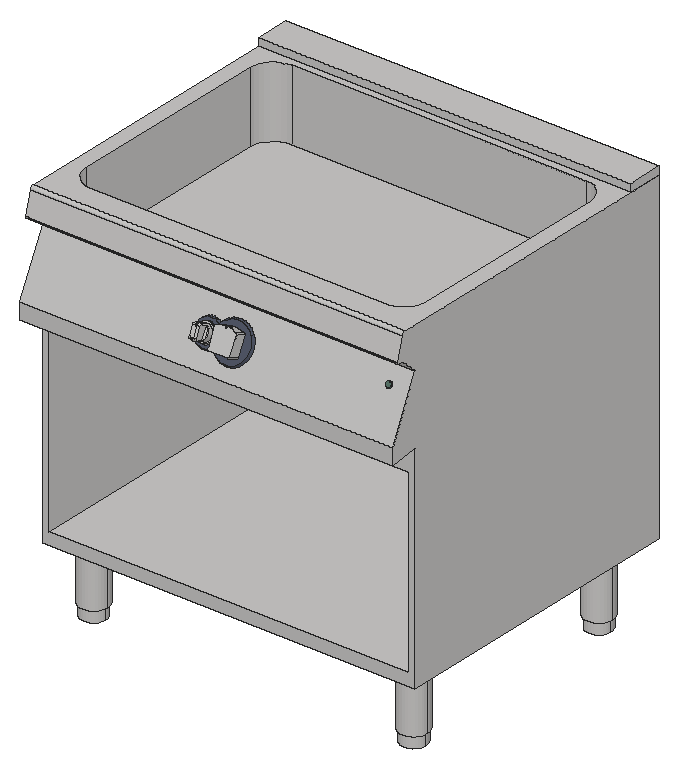
Revit family "QF_ZANUSSI_372106_Z7MFGHDI00", category Specialty Equipment, Revit 2018
Family settings
  Round Connector Dimension = Use Diameter
  Part Type = Normal
  Work Plane-Based = No
  Always vertical = Yes
  Cut with Voids When Loaded = No
  Shared = No
  Room Calculation Point = No
Parameters
  Width = 800 mm  # constant formula
  Weight in Pounds = 176  # constant formula
  Weight = 0.00 kg
  Watts = 0 W
  Waste Water Discharge Temperature [instance] = -459.67 °F
  Volts = 0 V
  URL Manufacturer = "http://www.zanussiprofessional.com"
  URL Cutsheet = "www.electrolux.com/foodservice"
  URL = "http://www.zanussiprofessional.com"
  Type Mark [instance] = ""
  Steam Supply Size = 0"
  Steam Supply Minimum Pressure = 0.00 psi
  Steam Supply Maximum Pressure = 0.00 psi
  Steam Pounds per Hour = 0
  Status [instance] = ""
  Specification by User [instance] = ""
  Specification by Manufacturer = ""
  Show Logo [instance] = yes
  Show Clearance [instance] = yes
  Serial Number = ""
  Seismic Rating = ""
  SMACNA No = ""
  Revision Code [instance] = ""
  Refrigeration Suction Line Size = 0"
  Refrigeration Liquid Line Size = 0"
  Refrigerant Compressor Remote = yes
  Plumbing Remarks [instance] = ""
  Plumbing Connection Type [instance] = ""
  Phase = 0
  Omniclass Number and Title = ""
  NAFEM Spec ID Number = ""
  Model = "Z7MFGHDI00"
  Mechanical Remarks [instance] = ""
  Mechanical Connection Type [instance] = ""
  Masterspec = ""
  Manufacturer = "Zanussi"
  Length Actual = 800 mm  # constant formula
  Item Number [instance] = "372106"
  Installed By [instance] = ""
  Indirect Waste Size = 0"
  Indirect Waste Flow [instance] = 0 GPM
  Indirect Waste Connection Type [instance] = ""
  Indirect Waste Connection Height = 0 mm
  Identify Quantity as Lot [instance] = yes
  Hot Water Size = 0"
  Height Actual = 850 mm  # constant formula
  Height = 333 mm  # constant formula
  HP = "0 HP"
  Gas Size = 1/2"  # constant formula
  Gas RI Height [instance] = 0 mm
  Gas KW [instance] = 14  # constant formula
  Gas Input [instance] = 47726.0 Btu/h  # constant formula
  Gas Connection Height = 0 mm
  Furnished By [instance] = ""
  Foodservice Equipment Identifier [instance] = yes
  Direct Waste Size = 0"
  Description = "22LT GAS MULTIFUNC.COOKER-COMPOUND 800MM"
  Depth Actual = 700 mm  # constant formula
  Depth = 715 mm  # constant formula
  Cycle = 0 Hz
  Condensate Return Size = 0"
  Compressed Air Volume = 0 GPM
  Compressed Air Size = 0"
  Compressed Air Pressure = 0.00 psi
  Cold Water Size = 0"
  CSI MasterFormat = ""
  CSI Master Format = ""
  Base Height [instance] = 150 mm  # constant formula
  Accessory = yes
Reference planes
  plane 1 "BACK": y = 0
  plane 2: z = 0
  plane 3 "LEFT": x = 0
  plane 4 "RIGHT": x = 800
  plane 5 "FRONT": y = -715
  plane 6 "TOP": z = 908
  plane 7 "Center Y": x = 400
  plane 8 "Center X": y = -357.5
  plane 9 "BASE": z = 600
  plane 10 "TOP A": z = 850
  plane 11: y = -597.884
  plane 12: y = -147.637
  plane 13: z = 942
  plane 14: z = 150
  plane 15 "panel": through (-6096, -715, 640.508) normal (0, 0.8956, -0.4448)
Forms (mm)
  Extrusion 1, solid, material "QF_Finishes_Stainless Steel"
    sketch origin (0, 0, 0) x (0, 1, 0) y (0, 0, 1)
      loop
        line (0, 867.755) -> (-75, 867.755) -> (-75, 851.6) -> (0, 851.6) -> (0, 867.755)
      loop
        line (0, 850) -> (-679.358, 850)
        arc (-679.358, 850) -> (-684.643, 847.811) -> (-686.833, 842.526) r 7.474
        line (-686.833, 842.526) -> (-699.884, 797.011)
        arc (-699.884, 797.011) -> (-699.396, 794.379) -> (-697, 793.184) r 3
        line (-697, 793.184) -> (-686.802, 793.184) -> (-654.982, 761.364) -> (-715, 640.508) -> (-715, 605.508) -> (-658.645, 613.428)
        arc (-658.645, 613.428) -> (-656.101, 612.674) -> (-655, 610.259) r 3.2
        line (-655, 610.259) -> (-655, 150) -> (0, 150) -> (0, 850)
    from 0 to 800
  Extrusion 2, void
    sketch origin (0, 0, 850) x (-1, 0, 0) y (0, -1, 0)
      loop
        line (-716.662, 90.124) -> (-83.338, 90.124)
        arc (-83.338, 90.124) -> (-47.982, 104.769) -> (-33.338, 140.124) r 50
        line (-33.338, 140.124) -> (-33.338, 580.25)
        arc (-33.338, 580.25) -> (-47.982, 615.605) -> (-83.338, 630.25) r 50
        line (-83.338, 630.25) -> (-716.662, 630.25)
        arc (-716.662, 630.25) -> (-752.018, 615.605) -> (-766.662, 580.25) r 50
        line (-766.662, 580.25) -> (-766.662, 140.124)
        arc (-766.662, 140.124) -> (-752.018, 104.769) -> (-716.662, 90.124) r 50
    from 0 to -152.4
  Extrusion 3, solid, material "QF_Finishes_Clearance", visible <- "Show Clearance", detail levels coarse
    sketch origin (0, 0, 0) x (1, 0, 0) y (0, 1, 0)
      loop
        line (0, -715) -> (0, 0) -> (800, 0) -> (800, -715) -> (950.019, -715) -> (950.019, 150.019) -> (-150.019, 150.019) -> (-150.019, -715) -> (0, -715)
    from 0 to 908
  Revolve 4, solid, material "QF_Finishes_Stainless Steel"
    sketch origin (0, -587.387, 608.09) x (0, 0, 1) y (-1, 0, 0)
      loop
        line (-608.09, -56) -> (-458.09, -56) -> (-458.09, -26) -> (-583.09, -26) -> (-583.09, -29.75) -> (-608.09, -29.75) -> (-608.09, -56)
      axis (-608.09, -56) -> (-458.09, -56)
    angle from 0 to 360
  Revolve 5, solid, material "QF_Finishes_Stainless Steel"
    sketch origin (0, -90, 608.09) x (0, 0, 1) y (-1, 0, 0)
      loop
        line (-608.09, -56) -> (-458.09, -56) -> (-458.09, -26) -> (-583.09, -26) -> (-583.09, -29.75) -> (-608.09, -29.75) -> (-608.09, -56)
      axis (-608.09, -56) -> (-458.09, -56)
    angle from 0 to 360
  Revolve 6, solid, material "QF_Finishes_Stainless Steel"
    sketch origin (800.1, -587.387, 608.09) x (0, 0, 1) y (-1, 0, 0)
      loop
        line (-608.09, 56.1) -> (-608.09, 29.85) -> (-583.09, 29.85) -> (-583.09, 26.1) -> (-458.09, 26.1) -> (-458.09, 56.1) -> (-608.09, 56.1)
      axis (-608.09, 56.1) -> (-458.09, 56.1)
    angle from 0 to 360
  Revolve 7, solid, material "QF_Finishes_Stainless Steel"
    sketch origin (800.1, -90, 608.09) x (0, 0, 1) y (-1, 0, 0)
      loop
        line (-608.09, 56.1) -> (-608.09, 29.85) -> (-583.09, 29.85) -> (-583.09, 26.1) -> (-458.09, 26.1) -> (-458.09, 56.1) -> (-608.09, 56.1)
      axis (-608.09, 56.1) -> (-458.09, 56.1)
    angle from 0 to 360
  Extrusion 8, solid, material "QF_Finishes_Stainless Steel"
    sketch origin (-77.88, -4572, 600) x (-1, 0, 0) y (0, -1, 0)
      loop
        circle (-368.88, -4015) r 12.7
    from 0 to -12.7
  Extrusion 9, void
    sketch origin (0, -660.4, 150) x (0, 0, -1) y (-1, 0, 0)
      loop
        line (-25.4, -12.7) -> (-411.9, -12.7) -> (-411.9, -787.3) -> (-25.4, -787.3) -> (-25.4, -12.7)
    from 5.4 to 570.276
  Extrusion 10, solid, material "QF_Finishes_Stainless Steel"
    sketch origin (-77.88, -4572, 150) x (-1, 0, 0) y (0, -1, 0)
      loop
        circle (-826.88, -4066) r 6.35
    from 0 to -12.7
  Extrusion 11, solid, material "QF_Finishes_Stainless Steel"
    sketch origin (0, 0, 850) x (-1, 0, 0) y (0, -1, 0)
      loop
        circle (-748.798, 506) r 10
    from -674.6 to -288.1
  Blend 12, solid, material "QF_Finishes_Navy Blue"
    base sketch origin (435.05, -684.991, 700.936) x (1, 0, 0) y (0, 0.445769, 0.895148)
      loop
        arc (-35.05, -24.037) -> (42.5, 0) -> (-35.05, 24.037) r 42.5
        arc (-35.05, 24.037) -> (-83, 0) -> (-35.05, -24.037) r 30
    top sketch origin (435.05, -684.991, 700.936) x (1, 0, 0) y (0, 0.445769, 0.895148)
      loop
        arc (-34.578, -21.086) -> (40.5, 0) -> (-34.578, 21.086) r 40.5
        arc (-34.578, 21.086) -> (-81, 0) -> (-34.578, -21.086) r 28
    from 0 to 5
  Extrusion 13, solid, material "QF_Finishes_Stainless Steel"
    sketch origin (435.05, -684.991, 700.936) x (1, 0, 0) y (0, 0.445769, 0.895148)
      loop
        circle (-55.001, -0.341) r 20
    from 5 to 10
  Revolve 14, solid, material "QF_Finishes_Stainless Steel"
    sketch origin (380.048, -684.991, 700.936) x (0, -0.445769, -0.895148) y (0, -0.895148, 0.445769)
      loop
        line (0.341, 10) -> (16.341, 10) -> (16.341, 37)
        arc (16.341, 37) -> (15.462, 39.121) -> (13.341, 40) r 3
        line (13.341, 40) -> (0.341, 40) -> (0.341, 10)
      axis (0.341, 10) -> (0.341, 40)
    angle from 0 to 360
  Extrusion 15, void
    sketch origin (435.05, -684.991, 700.936) x (1, 0, 0) y (0, -0.895148, 0.445769)
      loop
        line (-62.999, 24.837) -> (-62.999, 40) -> (-71.893, 40) -> (-71.893, 22) -> (-65.835, 22)
        arc (-65.835, 22) -> (-63.827, 22.828) -> (-62.999, 24.837) r 2.827
      loop
        arc (-47.003, 24.837) -> (-46.175, 22.828) -> (-44.167, 22) r 2.827
        line (-44.167, 22) -> (-38.109, 22) -> (-38.109, 40) -> (-47.003, 40) -> (-47.003, 24.837)
    from -20.019 to 20.019
  Extrusion 16, solid, material "QF_Finishes_Stainless Steel"
    sketch origin (435.05, -684.991, 700.936) x (1, 0, 0) y (0, 0.445769, 0.895148)
      loop
        arc (-21.147, 22.789) -> (-22.494, 21.685) -> (-23, 20.019) r 2.997
        line (-23, 20.019) -> (-23, -20.019)
        arc (-23, -20.019) -> (-22.122, -22.138) -> (-20.003, -23.016) r 2.997
        line (-20.003, -23.016) -> (20.003, -23.016)
        arc (20.003, -23.016) -> (22.122, -22.138) -> (23, -20.019) r 2.997
        line (23, -20.019) -> (23, 20.019)
        arc (23, 20.019) -> (22.494, 21.685) -> (21.147, 22.789) r 2.997
        arc (21.147, 22.789) -> (0, 26.984) -> (-21.147, 22.789) r 55.4
    from 10 to 34
  Extrusion 17, solid, material "QF_Plastic-Black-Matte"
    sketch origin (435.05, -684.991, 700.936) x (0, 0.445769, 0.895148) y (0, -0.895148, 0.445769)
      loop
        line (26.984, 34) -> (26.984, 19) -> (27.984, 19) -> (27.984, 34)
        arc (27.984, 34) -> (27.691, 34.707) -> (26.984, 35) r 1
        line (26.984, 35) -> (23.984, 35) -> (23.984, 34) -> (26.984, 34)
    from -1 to 1
  Extrusion 18, solid, material "QF_Plastic-Black-Matte"
    sketch origin (380.048, -684.991, 700.936) x (0, -0.445769, -0.895148) y (0, -0.895148, 0.445769)
      loop
        line (-10.258, 39.984) -> (-10.258, 40.984) -> (-12.874, 40.984)
        arc (-12.874, 40.984) -> (-15.536, 39.882) -> (-16.638, 37.22) r 3.764
        line (-16.638, 37.22) -> (-16.638, 25.027) -> (-15.638, 25.027) -> (-15.638, 37.22)
        arc (-15.638, 37.22) -> (-14.829, 39.175) -> (-12.874, 39.984) r 2.764
        line (-12.874, 39.984) -> (-10.258, 39.984)
    from 1 to -1
  Extrusion 19, solid, material "QF_Finishes_Stainless Steel"
    sketch origin (165.657, -802.569, 464.828) x (0, 0.445769, 0.895148) y (-1, 0, 0)
      loop
        line (246.264, -286.892) -> (281.264, -286.892) -> (281.264, -251.892) -> (246.264, -251.892) -> (246.264, -286.892)
    from 5 to 10
  Extrusion 20, solid, material "QF_Finishes_DarkGreen"
    sketch origin (813.535, -671.618, 727.791) x (1, 0, 0) y (0, 0.445769, 0.895148)
      loop
        circle (-55.001, 0) r 6
    from 0 to 1.6
Cuts and joins
  Extrusion 2, Extrusion 9 cuts Extrusion 1
  Extrusion 9 cuts Extrusion 3
  Extrusion 15 cuts Revolve 14
Lines and regions (mm)
  Split face 1
    outline origin (435.05, -689.467, 703.165) x (1, 0, 0) y (0, 0.445769, 0.895148)
      loop
        circle (0, 33) r 1
  Split face 2
    outline origin (435.05, -689.467, 703.165) x (1, 0, 0) y (0, 0.445769, 0.895148)
      loop
        circle (-8.541, 31.876) r 1
  Split face 3
    outline origin (435.05, -689.467, 703.165) x (1, 0, 0) y (0, 0.445769, 0.895148)
      loop
        circle (-16.5, 28.579) r 1
  Split face 4
    outline origin (435.05, -689.467, 703.165) x (1, 0, 0) y (0, 0.445769, 0.895148)
      loop
        circle (-23.335, 23.335) r 1
  Split face 5
    outline origin (435.05, -689.467, 703.165) x (1, 0, 0) y (0, 0.445769, 0.895148)
      loop
        circle (-28.579, 16.5) r 1
  Split face 6
    outline origin (435.05, -689.467, 703.165) x (1, 0, 0) y (0, 0.445769, 0.895148)
      loop
        circle (-31.876, 8.541) r 1
  Split face 7
    outline origin (435.05, -689.467, 703.165) x (1, 0, 0) y (0, 0.445769, 0.895148)
      loop
        circle (-33, 0) r 1
  Split face 8
    outline origin (435.05, -689.467, 703.165) x (-1, 0, 0) y (0, 0.445769, 0.895148)
      loop
        circle (31.876, -8.541) r 1
  Split face 9
    outline origin (435.05, -689.467, 703.165) x (-1, 0, 0) y (0, 0.445769, 0.895148)
      loop
        circle (28.579, -16.5) r 1
  Split face 10
    outline origin (435.05, -689.467, 703.165) x (-1, 0, 0) y (0, 0.445769, 0.895148)
      loop
        circle (23.335, -23.335) r 1
  Split face 11
    outline origin (435.05, -689.467, 703.165) x (-1, 0, 0) y (0, 0.445769, 0.895148)
      loop
        circle (16.5, -28.579) r 1
  Split face 12
    outline origin (435.05, -689.467, 703.165) x (-1, 0, 0) y (0, 0.445769, 0.895148)
      loop
        circle (8.541, -31.876) r 1
  Split face 13
    outline origin (435.05, -689.467, 703.165) x (1, 0, 0) y (0, -0.445769, -0.895148)
      loop
        circle (33, 0) r 1
  Split face 14
    outline origin (435.05, -689.467, 703.165) x (1, 0, 0) y (0, -0.445769, -0.895148)
      loop
        circle (31.876, -8.541) r 1
  Split face 15
    outline origin (435.05, -689.467, 703.165) x (1, 0, 0) y (0, -0.445769, -0.895148)
      loop
        circle (28.579, -16.5) r 1
  Split face 16
    outline origin (435.05, -689.467, 703.165) x (1, 0, 0) y (0, -0.445769, -0.895148)
      loop
        circle (23.335, -23.335) r 1
  Split face 17
    outline origin (435.05, -689.467, 703.165) x (1, 0, 0) y (0, -0.445769, -0.895148)
      loop
        circle (16.5, -28.579) r 1
  Split face 18
    outline origin (435.05, -689.467, 703.165) x (1, 0, 0) y (0, -0.445769, -0.895148)
      loop
        circle (8.541, -31.876) r 1
  Split face 19
    outline origin (435.05, -689.467, 703.165) x (-1, 0, 0) y (0, -0.445769, -0.895148)
      loop
        circle (-8.541, 31.876) r 1
  Split face 20
    outline origin (435.05, -689.467, 703.165) x (-1, 0, 0) y (0, -0.445769, -0.895148)
      loop
        circle (-16.5, 28.579) r 1
  Split face 21
    outline origin (435.05, -689.467, 703.165) x (-1, 0, 0) y (0, -0.445769, -0.895148)
      loop
        circle (-23.335, 23.335) r 1
  Split face 22
    outline origin (435.05, -689.467, 703.165) x (-1, 0, 0) y (0, -0.445769, -0.895148)
      loop
        circle (-28.579, 16.5) r 1
  Split face 23
    outline origin (435.05, -689.467, 703.165) x (-1, 0, 0) y (0, -0.445769, -0.895148)
      loop
        circle (-31.876, 8.541) r 1
  Split face 24
    outline origin (435.05, -689.467, 703.165) x (1, 0, 0) y (0, 0.445769, 0.895148)
      loop
        circle (-55.001, 22) r 1.508
  Split face 25
    outline origin (435.05, -689.467, 703.165) x (1, 0, 0) y (0, 0.445769, 0.895148)
      loop
        circle (-77.001, 0) r 1.343
  Split face 26
    outline origin (435.05, -689.467, 703.165) x (1, 0, 0) y (0, 0.445769, 0.895148)
      loop
        line (-56.273, -20.786) -> (-56.273, -25.164) -> (-53.729, -25.164) -> (-53.729, -20.786) -> (-56.273, -20.786)
  Split face 27
    outline origin (435.05, -689.467, 703.165) x (1, 0, 0) y (0, 0.445769, 0.895148)
      loop
        circle (0, -33) r 1
  symbolic lines, style "QF-Clearances", visible <- "Show Clearance", detail levels coarse
    curve 1: line (-150.019, 150.019, 850) -> (-150.019, -716.377, 850)
    curve 2: line (950.019, 150.019, 850) -> (-150.019, 150.019, 850)
    curve 3: line (950.019, -716.377, 850) -> (950.019, 150.019, 850)
  symbolic lines
    curve 4: line (0, 0, 850) -> (800, 0, 850)
    curve 5: line (0, -715, 850) -> (0, 0, 850)
    curve 6: line (800, 0, 850) -> (800, -715, 850)
    curve 7: line (22.699, -6.761, 850) -> (22.699, -63.911, 850)
    curve 8: line (13.403, -63.911, 850) -> (13.403, -6.761, 850)
    curve 9: line (13.403, -6.761, 850) -> (22.699, -6.761, 850)
    curve 10: line (0, -69.85, 850) -> (398.412, -69.85, 850)
    curve 11: line (384.649, -6.761, 850) -> (384.649, -63.911, 850)
    curve 12: line (375.353, -63.911, 850) -> (375.353, -6.761, 850)
    curve 13: line (375.353, -6.761, 850) -> (384.649, -6.761, 850)
    curve 14: line (50.541, -6.761, 850) -> (50.541, -63.911, 850)
    curve 15: line (41.245, -63.911, 850) -> (41.245, -6.761, 850)
    curve 16: line (41.245, -6.761, 850) -> (50.541, -6.761, 850)
    curve 17: line (78.383, -6.761, 850) -> (78.383, -63.911, 850)
    curve 18: line (69.087, -63.911, 850) -> (69.087, -6.761, 850)
    curve 19: line (69.087, -6.761, 850) -> (78.383, -6.761, 850)
    curve 20: line (106.225, -6.761, 850) -> (106.225, -63.911, 850)
    curve 21: line (96.93, -63.911, 850) -> (96.93, -6.761, 850)
    curve 22: line (96.93, -6.761, 850) -> (106.225, -6.761, 850)
    curve 23: line (134.068, -6.761, 850) -> (134.068, -63.911, 850)
    curve 24: line (124.772, -63.911, 850) -> (124.772, -6.761, 850)
    curve 25: line (124.772, -6.761, 850) -> (134.068, -6.761, 850)
    curve 26: line (161.91, -6.761, 850) -> (161.91, -63.911, 850)
    curve 27: line (152.614, -63.911, 850) -> (152.614, -6.761, 850)
    curve 28: line (152.614, -6.761, 850) -> (161.91, -6.761, 850)
    curve 29: line (189.752, -6.761, 850) -> (189.752, -63.911, 850)
    curve 30: line (180.457, -63.911, 850) -> (180.457, -6.761, 850)
    curve 31: line (180.457, -6.761, 850) -> (189.752, -6.761, 850)
    curve 32: line (217.595, -6.761, 850) -> (217.595, -63.911, 850)
    curve 33: line (208.299, -63.911, 850) -> (208.299, -6.761, 850)
    curve 34: line (208.299, -6.761, 850) -> (217.595, -6.761, 850)
    curve 35: line (245.437, -6.761, 850) -> (245.437, -63.911, 850)
    curve 36: line (236.141, -63.911, 850) -> (236.141, -6.761, 850)
    curve 37: line (236.141, -6.761, 850) -> (245.437, -6.761, 850)
    curve 38: line (273.279, -6.761, 850) -> (273.279, -63.911, 850)
    curve 39: line (263.984, -63.911, 850) -> (263.984, -6.761, 850)
    curve 40: line (263.984, -6.761, 850) -> (273.279, -6.761, 850)
    curve 41: line (301.122, -6.761, 850) -> (301.122, -63.911, 850)
    curve 42: line (291.826, -63.911, 850) -> (291.826, -6.761, 850)
    curve 43: line (291.826, -6.761, 850) -> (301.122, -6.761, 850)
    curve 44: line (328.964, -6.761, 850) -> (328.964, -63.911, 850)
    curve 45: line (319.668, -63.911, 850) -> (319.668, -6.761, 850)
    curve 46: line (319.668, -6.761, 850) -> (328.964, -6.761, 850)
    curve 47: line (356.806, -6.761, 850) -> (356.806, -63.911, 850)
    curve 48: line (347.511, -63.911, 850) -> (347.511, -6.761, 850)
    curve 49: line (347.511, -6.761, 850) -> (356.806, -6.761, 850)
    curve 50: line (777.251, -6.761, 850) -> (777.251, -63.911, 850)
    curve 51: line (786.547, -63.911, 850) -> (786.547, -6.761, 850)
    curve 52: line (786.547, -6.761, 850) -> (777.251, -6.761, 850)
    curve 53: line (415.301, -6.761, 850) -> (415.301, -63.911, 850)
    curve 54: line (424.597, -63.911, 850) -> (424.597, -6.761, 850)
    curve 55: line (424.597, -6.761, 850) -> (415.301, -6.761, 850)
    curve 56: line (749.409, -6.761, 850) -> (749.409, -63.911, 850)
    curve 57: line (758.705, -63.911, 850) -> (758.705, -6.761, 850)
    curve 58: line (758.705, -6.761, 850) -> (749.409, -6.761, 850)
    curve 59: line (721.567, -6.761, 850) -> (721.567, -63.911, 850)
    curve 60: line (730.863, -63.911, 850) -> (730.863, -6.761, 850)
    curve 61: line (730.863, -6.761, 850) -> (721.567, -6.761, 850)
    curve 62: line (693.725, -6.761, 850) -> (693.725, -63.911, 850)
    curve 63: line (703.02, -63.911, 850) -> (703.02, -6.761, 850)
    curve 64: line (703.02, -6.761, 850) -> (693.725, -6.761, 850)
    curve 65: line (665.882, -6.761, 850) -> (665.882, -63.911, 850)
    curve 66: line (675.178, -63.911, 850) -> (675.178, -6.761, 850)
    curve 67: line (675.178, -6.761, 850) -> (665.882, -6.761, 850)
    curve 68: line (638.04, -6.761, 850) -> (638.04, -63.911, 850)
    curve 69: line (647.336, -63.911, 850) -> (647.336, -6.761, 850)
    curve 70: line (647.336, -6.761, 850) -> (638.04, -6.761, 850)
    curve 71: line (610.198, -6.761, 850) -> (610.198, -63.911, 850)
    curve 72: line (619.493, -63.911, 850) -> (619.493, -6.761, 850)
    curve 73: line (619.493, -6.761, 850) -> (610.198, -6.761, 850)
    curve 74: line (582.355, -6.761, 850) -> (582.355, -63.911, 850)
    curve 75: line (591.651, -63.911, 850) -> (591.651, -6.761, 850)
    curve 76: line (591.651, -6.761, 850) -> (582.355, -6.761, 850)
    curve 77: line (554.513, -6.761, 850) -> (554.513, -63.911, 850)
    curve 78: line (563.809, -63.911, 850) -> (563.809, -6.761, 850)
    curve 79: line (563.809, -6.761, 850) -> (554.513, -6.761, 850)
    curve 80: line (526.671, -6.761, 850) -> (526.671, -63.911, 850)
    curve 81: line (535.966, -63.911, 850) -> (535.966, -6.761, 850)
    curve 82: line (535.966, -6.761, 850) -> (526.671, -6.761, 850)
    curve 83: line (498.828, -6.761, 850) -> (498.828, -63.911, 850)
    curve 84: line (508.124, -63.911, 850) -> (508.124, -6.761, 850)
    curve 85: line (508.124, -6.761, 850) -> (498.828, -6.761, 850)
    curve 86: line (470.986, -6.761, 850) -> (470.986, -63.911, 850)
    curve 87: line (480.282, -63.911, 850) -> (480.282, -6.761, 850)
    curve 88: line (480.282, -6.761, 850) -> (470.986, -6.761, 850)
    curve 89: line (443.144, -6.761, 850) -> (443.144, -63.911, 850)
    curve 90: line (452.439, -63.911, 850) -> (452.439, -6.761, 850)
    curve 91: line (452.439, -6.761, 850) -> (443.144, -6.761, 850)
    curve 92: line (401.587, -69.85, 850) -> (401.587, 0, 850)
    curve 93: line (398.412, 0, 850) -> (398.412, -69.85, 850)
    curve 94: line (401.587, -69.85, 850) -> (800, -69.85, 850)
    curve 95: line (13.453, -63.911, 0) -> (22.749, -63.911, 0)
    curve 96: line (375.403, -63.911, 0) -> (384.699, -63.911, 0)
    curve 97: line (41.295, -63.911, 0) -> (50.591, -63.911, 0)
    curve 98: line (69.137, -63.911, 0) -> (78.433, -63.911, 0)
    curve 99: line (96.98, -63.911, 0) -> (106.275, -63.911, 0)
    curve 100: line (124.822, -63.911, 0) -> (134.118, -63.911, 0)
    curve 101: line (152.664, -63.911, 0) -> (161.96, -63.911, 0)
    curve 102: line (180.507, -63.911, 0) -> (189.802, -63.911, 0)
    curve 103: line (208.349, -63.911, 0) -> (217.645, -63.911, 0)
    curve 104: line (236.191, -63.911, 0) -> (245.487, -63.911, 0)
    curve 105: line (264.034, -63.911, 0) -> (273.329, -63.911, 0)
    curve 106: line (291.876, -63.911, 0) -> (301.172, -63.911, 0)
    curve 107: line (319.718, -63.911, 0) -> (329.014, -63.911, 0)
    curve 108: line (347.561, -63.911, 0) -> (356.856, -63.911, 0)
    curve 109: line (786.597, -63.911, 0) -> (777.301, -63.911, 0)
    curve 110: line (424.647, -63.911, 0) -> (415.351, -63.911, 0)
    curve 111: line (758.755, -63.911, 0) -> (749.459, -63.911, 0)
    curve 112: line (730.913, -63.911, 0) -> (721.617, -63.911, 0)
    curve 113: line (703.07, -63.911, 0) -> (693.775, -63.911, 0)
    curve 114: line (675.228, -63.911, 0) -> (665.932, -63.911, 0)
    curve 115: line (647.386, -63.911, 0) -> (638.09, -63.911, 0)
    curve 116: line (619.543, -63.911, 0) -> (610.248, -63.911, 0)
    curve 117: line (591.701, -63.911, 0) -> (582.405, -63.911, 0)
    curve 118: line (563.859, -63.911, 0) -> (554.563, -63.911, 0)
    curve 119: line (536.016, -63.911, 0) -> (526.721, -63.911, 0)
    curve 120: line (508.174, -63.911, 0) -> (498.878, -63.911, 0)
    curve 121: line (480.332, -63.911, 0) -> (471.036, -63.911, 0)
    curve 122: line (452.489, -63.911, 0) -> (443.194, -63.911, 0)
    curve 123: line (716.662, -90.124, 850) -> (83.288, -90.124, 850)
    curve 124: arc (83.288, -90.124, 850) -> (47.968, -104.754, 850) -> (33.338, -140.074, 850) r 49.95
    curve 125: line (33.338, -140.074, 850) -> (33.338, -580.25, 850)
    curve 126: arc (33.338, -580.25, 850) -> (47.982, -615.605, 850) -> (83.338, -630.25, 850) r 50
    curve 127: line (83.338, -630.25, 850) -> (716.662, -630.25, 850)
    curve 128: arc (716.662, -90.124, 850) -> (752.018, -104.769, 850) -> (766.662, -140.124, 850) r 50
    curve 129: line (766.662, -140.124, 850) -> (766.662, -580.25, 850)
    curve 130: arc (766.662, -580.25, 850) -> (752.018, -615.605, 850) -> (716.662, -630.25, 850) r 50
    curve 131: line (412.05, -700.006, 0) -> (412.05, -724.353, 0)
    curve 132: arc (412.05, -724.353, 0) -> (412.196, -724.817, 0) -> (412.582, -725.113, 0) r 0.809
    curve 133: arc (412.582, -725.113, 0) -> (413.769, -725.593, 0) -> (415.047, -725.686, 0) r 4.127
    curve 134: arc (412.05, -704.299, 0) -> (407.008, -702.464, 0) -> (402.24, -700.006, 0) r 42.24
    curve 135: arc (412.05, -706.545, 0) -> (412.552, -705.824, 0) -> (413.349, -705.454, 0) r 1.682
    curve 136: arc (413.349, -705.454, 0) -> (423.651, -703.956, 0) -> (434.05, -703.447, 0) r 109.079
    curve 137: line (434.05, -700.006, 0) -> (434.05, -705.677, 0)
    curve 138: line (434.05, -705.677, 0) -> (436.05, -705.677, 0)
    curve 139: line (436.05, -705.677, 0) -> (436.05, -700.006, 0)
    curve 140: line (458.05, -700.006, 0) -> (458.05, -724.353, 0)
    curve 141: arc (458.05, -724.353, 0) -> (457.903, -724.817, 0) -> (457.517, -725.113, 0) r 0.809
    curve 142: arc (457.517, -725.113, 0) -> (456.33, -725.593, 0) -> (455.052, -725.686, 0) r 4.127
    curve 143: arc (458.05, -704.299, 0) -> (463.091, -702.464, 0) -> (467.859, -700.006, 0) r 42.24
    curve 144: arc (458.05, -706.545, 0) -> (457.547, -705.824, 0) -> (456.75, -705.454, 0) r 1.682
    curve 145: arc (456.75, -705.454, 0) -> (446.448, -703.956, 0) -> (436.05, -703.447, 0) r 109.079
    curve 146: line (415.047, -725.686, 0) -> (455.052, -725.686, 0)
    curve 147: line (372.051, -725.983, 908.9) -> (372.051, -701.23, 908.9)
    curve 148: line (388.046, -701.23, 908.9) -> (388.046, -725.983, 908.9)
    curve 149: spline (369.415, -710.17, 908.9) -> (367.926, -709.497, 908.9) -> (366.65, -708.743, 908.9) -> (365.611, -707.92, 908.9) -> (364.825, -707.043, 908.9) -> (364.307, -706.127, 908.9) -> (364.066, -705.189, 908.9) -> (364.107, -704.245, 908.9) -> (364.428, -703.312, 908.9) -> (365.024, -702.406, 908.9) -> (365.884, -701.543, 908.9) -> (366.993, -700.738, 908.9) -> (368.333, -700.006, 908.9)
    curve 150: spline (391.763, -700.006, 908.9) -> (393.107, -700.741, 908.9) -> (394.22, -701.549, 908.9) -> (395.081, -702.416, 908.9) -> (395.677, -703.325, 908.9) -> (395.995, -704.262, 908.9) -> (396.031, -705.21, 908.9) -> (395.784, -706.151, 908.9) -> (395.258, -707.069, 908.9) -> (394.463, -707.948, 908.9) -> (393.412, -708.772, 908.9) -> (392.125, -709.527, 908.9) -> (390.624, -710.199, 908.9)
    curve 151: spline (390.624, -710.199, 908.9) -> (390.343, -710.328, 908.9) -> (390.062, -710.493, 908.9) -> (389.784, -710.692, 908.9) -> (389.514, -710.923, 908.9) -> (389.256, -711.183, 908.9) -> (389.012, -711.467, 908.9) -> (388.787, -711.771, 908.9) -> (388.585, -712.091, 908.9) -> (388.407, -712.422, 908.9) -> (388.256, -712.76, 908.9) -> (388.136, -713.1, 908.9) -> (388.046, -713.436, 908.9)
    curve 152: spline (372.051, -713.347, 908.9) -> (371.979, -712.993, 908.9) -> (371.871, -712.64, 908.9) -> (371.73, -712.292, 908.9) -> (371.557, -711.955, 908.9) -> (371.355, -711.634, 908.9) -> (371.127, -711.333, 908.9) -> (370.876, -711.057, 908.9) -> (370.606, -710.809, 908.9) -> (370.32, -710.594, 908.9) -> (370.024, -710.414, 908.9) -> (369.721, -710.272, 908.9) -> (369.415, -710.17, 908.9)
    curve 153: line (364.048, -704.853, 908.9) -> (364.048, -700.006, 908.9)
    curve 154: line (396.051, -704.856, 908.9) -> (396.051, -700.006, 908.9)
    curve 155: arc (372.051, -725.983, 908.9) -> (380.048, -727.069, 908.9) -> (388.046, -725.983, 908.9) r 30
    curve 156: arc (372.051, -701.23, 0) -> (371.952, -700.573, 0) -> (371.605, -700.006, 0) r 1.677
    curve 157: arc (388.046, -701.23, 0) -> (388.145, -700.573, 0) -> (388.492, -700.006, 0) r 1.677
    curve 158: line (0, -700.006, 0) -> (800, -700.006, 0)
    curve 159: line (0, -715.135, 0) -> (372.051, -715.135, 0)
    curve 160: line (388.046, -715.135, 0) -> (412.05, -715.135, 0)
    curve 161: line (458.05, -715.135, 0) -> (800, -715.135, 0)
Dimensions and locks
  equal spacing: plane 3 "LEFT", plane 7 "Center Y", plane 4 "RIGHT"
  "Width": plane 3 "LEFT" to plane 4 "RIGHT"
  equal spacing: plane 5 "FRONT", plane 8 "Center X", plane 1 "BACK"
  "Depth": plane 5 "FRONT" to plane 1 "BACK"
  plane 1 "BACK" to plane 5 "FRONT" = 715 mm
  plane 10 "TOP A" to plane 9 "BASE" = 250 mm
  plane 6 "TOP" to plane 10 "TOP A" = 58 mm
  plane 13 to plane 6 "TOP" = 34 mm
  "Base Height": plane 14 to level
  locked: plane 10 "TOP A" to plane 14 at 700
  plane 3 "LEFT" to Extrusion 8 sketch curve = 291 mm
  Extrusion 8 sketch curve to plane 1 "BACK" = 557 mm
  Extrusion 10 sketch curve to plane 4 "RIGHT" = 51 mm
  Extrusion 10 sketch curve to plane 1 "BACK" = 506 mm
  aligned and locked: level to plane 2
  aligned and locked: plane 4 "RIGHT" to Extrusion 1
  aligned and locked: plane 6 "TOP" to Extrusion 3
Automatic sketch dimensions
  Extrusion 1 sketch curve to plane 5 "FRONT" = 0 mm
  Extrusion 1 sketch curve to plane 10 "TOP A" = 0 mm
  Extrusion 1 sketch curve to plane 14 = 0 mm
  plane 15 "panel" to Extrusion 1 sketch curve = 0 mm  (x2)
  Extrusion 1 sketch curve to plane 1 "BACK" = 0 mm  (x2)
  Extrusion 1 sketch curve to plane 5 "FRONT" = 15.116 mm
  Extrusion 1 sketch curve to Extrusion 1 sketch curve = 2.884 mm
  Extrusion 1 sketch curve to plane 10 "TOP A" = 7.474 mm
  Extrusion 1 sketch curve to plane 5 "FRONT" = 28.167 mm
  Extrusion 1 sketch curve to Extrusion 1 sketch curve = 10.198 mm
  plane 9 "BASE" to Extrusion 1 sketch curve = 13.428 mm
  Extrusion 1 sketch curve to plane 5 "FRONT" = 56.355 mm
  Extrusion 1 sketch curve to Extrusion 1 sketch curve = 0.445 mm
  Extrusion 1 sketch curve to Extrusion 1 sketch curve = 3.2 mm
  Extrusion 1 sketch curve to Extrusion 1 sketch curve = 31.82 mm  (x2)
  plane 10 "TOP A" to Extrusion 1 sketch curve = 1.6 mm
  Extrusion 1 sketch curve to plane 12 = 72.638 mm
  plane 9 "BASE" to Extrusion 1 sketch curve = 5.508 mm
  Extrusion 1 sketch curve to Extrusion 1 sketch curve = 3 mm
  Extrusion 1 sketch curve to Extrusion 1 sketch curve = 16.155 mm
  Extrusion 2 sketch curve to plane 12 = 7.513 mm
  Extrusion 2 sketch curve to plane 4 "RIGHT" = 33.338 mm
  Extrusion 2 sketch curve to plane 11 = 17.634 mm  (x2)
  Extrusion 2 sketch curve to Extrusion 2 sketch curve = 50 mm
  Extrusion 2 sketch curve to plane 12 = 57.513 mm
  plane 3 "LEFT" to Extrusion 2 sketch curve = 83.338 mm  (x2)
  plane 5 "FRONT" to Extrusion 3 sketch curve = 0 mm  (x2)
  plane 1 "BACK" to Extrusion 3 sketch curve = 0 mm
  Extrusion 3 sketch curve to plane 3 "LEFT" = 0 mm
  Extrusion 3 sketch curve to plane 4 "RIGHT" = 0 mm
  Extrusion 3 sketch curve to plane 3 "LEFT" = 150.019 mm
  plane 4 "RIGHT" to Extrusion 3 sketch curve = 150.019 mm
  Extrusion 3 sketch curve to plane 1 "BACK" = 150.019 mm
  Revolve 4 sketch curve to level = 0 mm
  Revolve 4 sketch curve to plane 14 = 0 mm  (x2)
  level to Revolve 4 sketch curve = 25 mm
  plane 3 "LEFT" to Revolve 4 sketch curve = 56 mm
  plane 3 "LEFT" to Revolve 4 sketch curve = 29.75 mm
  plane 3 "LEFT" to Revolve 4 sketch curve = 26 mm
  Revolve 4 sketch curve to Revolve 4 sketch curve = 20 mm
  Revolve 4 sketch curve to Revolve 4 sketch curve = 0 mm
  Revolve 5 sketch curve to level = 0 mm
  Revolve 5 sketch curve to plane 14 = 0 mm  (x2)
  level to Revolve 5 sketch curve = 25 mm
  plane 3 "LEFT" to Revolve 5 sketch curve = 56 mm
  plane 3 "LEFT" to Revolve 5 sketch curve = 29.75 mm
  plane 3 "LEFT" to Revolve 5 sketch curve = 26 mm
  Revolve 5 sketch curve to Revolve 5 sketch curve = 20 mm
  Revolve 5 sketch curve to Revolve 5 sketch curve = 0 mm
  Revolve 6 sketch curve to level = 0 mm
  Revolve 6 sketch curve to plane 14 = 0 mm  (x2)
  level to Revolve 6 sketch curve = 25 mm
  Revolve 6 sketch curve to plane 4 "RIGHT" = 26 mm
  Revolve 6 sketch curve to Revolve 6 sketch curve = 3.75 mm
  Revolve 6 sketch curve to Revolve 6 sketch curve = 30 mm
  Revolve 6 sketch curve to Revolve 6 sketch curve = 20 mm
  Revolve 6 sketch curve to Revolve 6 sketch curve = 0 mm
  Revolve 7 sketch curve to level = 0 mm
  Revolve 7 sketch curve to plane 14 = 0 mm  (x2)
  level to Revolve 7 sketch curve = 25 mm
  Revolve 7 sketch curve to plane 4 "RIGHT" = 26 mm
  Revolve 7 sketch curve to Revolve 7 sketch curve = 3.75 mm
  Revolve 7 sketch curve to Revolve 7 sketch curve = 30 mm
  plane 14 to Revolve 7 sketch curve = 20 mm
  Revolve 7 sketch curve to Revolve 7 sketch curve = 0 mm
  plane 3 "LEFT" to Extrusion 9 sketch curve = 12.7 mm
  Extrusion 9 sketch curve to plane 9 "BASE" = 38.1 mm
  plane 14 to Extrusion 9 sketch curve = 25.4 mm
  Extrusion 9 sketch curve to plane 4 "RIGHT" = 12.7 mm
  Extrusion 11 sketch curve to plane 4 "RIGHT" = 51.202 mm
  Extrusion 11 sketch curve to plane 11 = 91.884 mm
  Blend 12 sketch curve to plane 7 "Center Y" = 0 mm  (x2)
  Blend 12 sketch curve to plane 7 "Center Y" = 17.95 mm  (x2)
  plane 7 "Center Y" to Blend 12 sketch curve = 35.05 mm  (x2)
  Blend 12 sketch curve to Blend 12 sketch curve = 24.037 mm
  Blend 12 sketch curve to Blend 12 sketch curve = 0 mm
  plane 7 "Center Y" to Blend 12 sketch curve = 0.472 mm
  Blend 12 sketch curve to Blend 12 sketch curve = 21.086 mm
  Extrusion 13 sketch curve to plane 7 "Center Y" = 19.952 mm
  Revolve 14 sketch curve to plane 15 "panel" = 10 mm
  Revolve 14 sketch curve to plane 5 "FRONT" = 20.906 mm
  Revolve 14 sketch curve to Revolve 14 sketch curve = 13 mm
  Revolve 14 sketch curve to Revolve 14 sketch curve = 16 mm
  Revolve 14 sketch curve to Revolve 14 sketch curve = 27 mm
  Revolve 14 sketch curve to Revolve 14 sketch curve = 0 mm  (x2)
  Revolve 14 sketch curve to Revolve 14 sketch curve = 25.449 mm
  Extrusion 15 sketch curve to plane 7 "Center Y" = 36.844 mm
  Extrusion 15 sketch curve to Extrusion 15 sketch curve = 6.058 mm
  Extrusion 15 sketch curve to Extrusion 15 sketch curve = 0.01 mm  (x2)
  Extrusion 15 sketch curve to Extrusion 15 sketch curve = 8.895 mm
  Extrusion 15 sketch curve to plane 7 "Center Y" = 11.954 mm
  Extrusion 15 sketch curve to Extrusion 15 sketch curve = 2.827 mm  (x3)
  Extrusion 15 sketch curve to plane 7 "Center Y" = 3.059 mm
  Extrusion 15 sketch curve to Extrusion 15 sketch curve = 0 mm
  Extrusion 15 sketch curve to Extrusion 15 sketch curve = 15.163 mm
  Extrusion 15 sketch curve to Extrusion 15 sketch curve = 15.173 mm
  plane 7 "Center Y" to Extrusion 16 sketch curve = 12.05 mm
  Extrusion 16 sketch curve to Extrusion 16 sketch curve = 2.997 mm  (x3)
  Extrusion 16 sketch curve to Extrusion 16 sketch curve = 20.003 mm  (x2)
  Extrusion 16 sketch curve to Extrusion 16 sketch curve = 40.005 mm
  Extrusion 16 sketch curve to Extrusion 16 sketch curve = 5.399 mm
  Extrusion 16 sketch curve to Extrusion 16 sketch curve = 40.037 mm
  Extrusion 16 sketch curve to Extrusion 16 sketch curve = 0 mm  (x2)
  Split face 26 sketch curve to Split face 26 sketch curve = 2.545 mm
  Split face 26 sketch curve to Split face 26 sketch curve = 4.379 mm
  Extrusion 17 sketch curve to plane 5 "FRONT" = 9.37 mm
  Extrusion 17 sketch curve to plane 15 "panel" = 34.974 mm
  Extrusion 17 sketch curve to Extrusion 17 sketch curve = 3 mm
  Extrusion 17 sketch curve to Extrusion 17 sketch curve = 0 mm  (x2)
  Extrusion 17 sketch curve to Extrusion 17 sketch curve = 1 mm
  Extrusion 17 sketch curve to Extrusion 17 sketch curve = 15 mm
  Extrusion 18 sketch curve to Extrusion 18 sketch curve = 0 mm  (x2)
  Extrusion 18 sketch curve to plane 5 "FRONT" = 15.023 mm
  Extrusion 18 sketch curve to plane 15 "panel" = 25.009 mm
  Extrusion 18 sketch curve to Extrusion 18 sketch curve = 1 mm
  Extrusion 18 sketch curve to Extrusion 18 sketch curve = 2.764 mm
  Extrusion 18 sketch curve to Extrusion 18 sketch curve = 2.616 mm
  Extrusion 18 sketch curve to Extrusion 18 sketch curve = 12.193 mm
  plane 7 "Center Y" to Extrusion 19 sketch curve = 17.55 mm
  Extrusion 19 sketch curve to Extrusion 19 sketch curve = 35 mm  (x2)
  Extrusion 20 sketch curve to plane 4 "RIGHT" = 41.466 mm
  curve 155 to plane 7 "Center Y" = 19.952 mm
  curve 155 to plane 5 "FRONT" = 17.931 mm
  curve 150 to curve 155 = 0.001 mm
  curve 148 to curve 150 = 7.996 mm
  curve 151 to curve 151 = 2.259 mm
  curve 150 to curve 151 = 0.319 mm
  curve 150 to curve 148 = 3.717 mm
  curve 151 to curve 150 = 1.423 mm
  curve 154 to curve 150 = 4.288 mm
  curve 150 to curve 149 = 0.001 mm
  curve 152 to curve 152 = 0.865 mm
  curve 152 to curve 152 = 2.495 mm
  curve 152 to curve 149 = 0.141 mm
  curve 147 to curve 149 = 3.718 mm
  curve 149 to curve 150 = 4.284 mm
  curve 150 to curve 149 = 0 mm
  curve 155 to curve 150 = 2.937 mm
  curve 155 to curve 149 = 2.937 mm
  curve 150 to curve 154 = 0 mm
  curve 153 to curve 149 = 0 mm
  curve 150 to curve 148 = 1.224 mm
  curve 149 to curve 147 = 1.224 mm
  curve 153 to curve 153 = 4.847 mm
  curve 155 to curve 149 = 7.784 mm
  curve 153 to curve 150 = 0.003 mm
  curve 154 to curve 154 = 4.85 mm
  curve 150 to curve 151 = 0.047 mm
  curve 152 to curve 152 = 2.86 mm
  curve 152 to curve 147 = 10.261 mm
  curve 6 to plane 4 "RIGHT" = 0 mm
  plane 1 "BACK" to curve 92 = 0 mm
  curve 10 to plane 3 "LEFT" = 0 mm
  plane 5 "FRONT" to curve 6 = 0 mm
  plane 5 "FRONT" to curve 5 = 0 mm
  plane 4 "RIGHT" to curve 3 = 150.019 mm
  curve 52 to plane 4 "RIGHT" = 13.453 mm
  curve 51 to curve 52 = 9.296 mm
  curve 129 to plane 12 = 7.513 mm
  curve 129 to plane 4 "RIGHT" = 33.338 mm
  plane 1 "BACK" to curve 57 = 6.761 mm
  curve 50 to curve 57 = 18.547 mm
  curve 57 to curve 58 = 9.296 mm
  plane 1 "BACK" to curve 61 = 6.761 mm
  curve 56 to curve 61 = 18.547 mm
  curve 60 to curve 61 = 9.296 mm
  plane 11 to curve 127 = 32.366 mm
  curve 129 to curve 127 = 50 mm
  curve 59 to curve 123 = 4.904 mm
  plane 1 "BACK" to curve 63 = 6.761 mm
  curve 59 to curve 63 = 18.547 mm
  curve 63 to curve 64 = 9.296 mm
  plane 1 "BACK" to curve 67 = 6.761 mm
  curve 62 to curve 67 = 18.547 mm
  curve 66 to curve 65 = 9.296 mm
  plane 1 "BACK" to curve 70 = 6.761 mm
  curve 65 to curve 70 = 18.547 mm
  curve 69 to curve 68 = 9.296 mm
  plane 1 "BACK" to curve 72 = 6.761 mm
  curve 68 to curve 72 = 18.547 mm
  curve 72 to curve 71 = 9.296 mm
  plane 1 "BACK" to curve 75 = 6.761 mm
  curve 71 to curve 75 = 18.547 mm
  curve 75 to curve 76 = 9.296 mm
  plane 1 "BACK" to curve 79 = 6.761 mm
  curve 74 to curve 79 = 18.547 mm
  curve 78 to curve 77 = 9.296 mm
  plane 1 "BACK" to curve 81 = 6.761 mm
  curve 77 to curve 81 = 18.547 mm
  curve 81 to curve 80 = 9.296 mm
  plane 1 "BACK" to curve 84 = 6.761 mm
  curve 80 to curve 84 = 18.547 mm
  curve 84 to curve 83 = 9.296 mm
  plane 1 "BACK" to curve 87 = 6.761 mm
  curve 83 to curve 87 = 18.547 mm
  curve 87 to curve 88 = 9.296 mm
  plane 1 "BACK" to curve 90 = 6.761 mm
  curve 86 to curve 90 = 18.547 mm
  curve 90 to curve 89 = 9.296 mm
  plane 1 "BACK" to curve 55 = 6.761 mm
  curve 89 to curve 55 = 18.547 mm
  curve 54 to curve 55 = 9.296 mm
  plane 7 "Center Y" to curve 92 = 1.587 mm
  curve 10 to plane 7 "Center Y" = 1.588 mm
  plane 1 "BACK" to curve 11 = 6.761 mm
  curve 93 to curve 11 = 13.764 mm
  curve 11 to curve 12 = 9.296 mm
  plane 1 "BACK" to curve 47 = 6.761 mm
  curve 12 to curve 47 = 18.547 mm
  curve 47 to curve 48 = 9.296 mm
  plane 1 "BACK" to curve 44 = 6.761 mm
  curve 48 to curve 44 = 18.547 mm
  curve 44 to curve 45 = 9.296 mm
  plane 1 "BACK" to curve 41 = 6.761 mm
  curve 45 to curve 41 = 18.547 mm
  curve 41 to curve 42 = 9.296 mm
  plane 1 "BACK" to curve 38 = 6.761 mm
  curve 42 to curve 38 = 18.547 mm
  curve 38 to curve 39 = 9.296 mm
  plane 1 "BACK" to curve 37 = 6.761 mm
  curve 39 to curve 37 = 18.547 mm
  curve 35 to curve 36 = 9.296 mm
  plane 1 "BACK" to curve 32 = 6.761 mm
  curve 36 to curve 32 = 18.547 mm
  curve 32 to curve 34 = 9.296 mm
  plane 1 "BACK" to curve 29 = 6.761 mm
  curve 33 to curve 29 = 18.547 mm
  curve 29 to curve 30 = 9.296 mm
  plane 1 "BACK" to curve 28 = 6.761 mm
  curve 30 to curve 28 = 18.547 mm
  curve 26 to curve 28 = 9.296 mm
  plane 1 "BACK" to curve 25 = 6.761 mm
  curve 27 to curve 25 = 18.547 mm
  curve 23 to curve 24 = 9.296 mm
  plane 1 "BACK" to curve 20 = 6.761 mm
  curve 24 to curve 20 = 18.547 mm
  curve 20 to curve 21 = 9.296 mm
  plane 3 "LEFT" to curve 127 = 83.338 mm
  curve 21 to curve 123 = 13.642 mm
  plane 1 "BACK" to curve 17 = 6.761 mm
  curve 21 to curve 17 = 18.547 mm
  curve 17 to curve 18 = 9.296 mm
  plane 1 "BACK" to curve 14 = 6.761 mm
  curve 18 to curve 14 = 18.547 mm
  curve 14 to curve 16 = 9.296 mm
  curve 125 to plane 11 = 17.634 mm
  plane 1 "BACK" to curve 7 = 6.761 mm
  curve 15 to curve 7 = 18.547 mm
  curve 7 to curve 9 = 9.296 mm
  curve 1 to plane 3 "LEFT" = 150.019 mm
  curve 2 to plane 1 "BACK" = 150.019 mm
  plane 1 "BACK" to curve 50 = 6.761 mm
  curve 11 to curve 10 = 63.089 mm
  curve 10 to curve 94 = 0 mm
  curve 60 to curve 123 = 26.213 mm
  curve 62 to curve 128 = 26.213 mm
  curve 62 to curve 63 = 0 mm
  curve 59 to curve 60 = 0 mm
  curve 60 to curve 57 = 0 mm
  curve 56 to curve 57 = 0 mm
  curve 54 to curve 92 = 5.939 mm
  curve 65 to curve 62 = 0 mm
  curve 65 to curve 66 = 0 mm
  curve 53 to curve 54 = 0 mm
  curve 51 to curve 94 = 5.939 mm
  curve 50 to curve 51 = 0 mm
  curve 48 to curve 10 = 5.939 mm
  curve 68 to curve 65 = 0 mm
  curve 68 to curve 69 = 0 mm
  curve 48 to curve 47 = 0 mm
  curve 44 to curve 48 = 0 mm
  curve 42 to curve 44 = 0 mm
  curve 42 to curve 41 = 0 mm
  curve 71 to curve 68 = 0 mm
  curve 71 to curve 72 = 0 mm
  curve 39 to curve 42 = 0 mm
  curve 39 to curve 38 = 0 mm
  curve 36 to curve 39 = 0 mm
  curve 36 to curve 35 = 0 mm
  curve 74 to curve 71 = 0 mm
  curve 74 to curve 75 = 0 mm
  curve 33 to curve 36 = 0 mm
  curve 33 to curve 32 = 0 mm
  curve 30 to curve 33 = 0 mm
  curve 30 to curve 29 = 0 mm
  curve 77 to curve 74 = 0 mm
  curve 77 to curve 78 = 0 mm
  curve 27 to curve 30 = 0 mm
  curve 27 to curve 26 = 0 mm
  curve 24 to curve 27 = 0 mm
  curve 24 to curve 23 = 0 mm
  curve 80 to curve 77 = 0 mm
  curve 80 to curve 81 = 0 mm
  curve 21 to curve 24 = 0 mm
  curve 21 to curve 20 = 0 mm
  curve 18 to curve 21 = 0 mm
  curve 18 to curve 17 = 0 mm
  curve 83 to curve 80 = 0 mm
  curve 83 to curve 84 = 0 mm
  curve 15 to curve 18 = 0 mm
  curve 15 to curve 14 = 0 mm
  curve 47 to curve 12 = 0 mm
  curve 12 to curve 11 = 0 mm
  curve 86 to curve 83 = 0 mm
  curve 86 to curve 87 = 0 mm
  curve 90 to curve 86 = 0 mm
  curve 8 to curve 10 = 5.939 mm
  curve 8 to curve 7 = 0 mm
  curve 45 to curve 44 = 0 mm
  curve 89 to curve 90 = 0 mm
  plane 5 "FRONT" to curve 1 = 1.377 mm
  plane 5 "FRONT" to curve 3 = 1.377 mm
  curve 159 to plane 3 "LEFT" = 0 mm
  curve 158 to plane 3 "LEFT" = 0 mm
  curve 161 to plane 4 "RIGHT" = 0 mm
  curve 158 to plane 4 "RIGHT" = 0 mm
  curve 156 to plane 7 "Center Y" = 29.624 mm
  curve 157 to plane 7 "Center Y" = 10.279 mm
  plane 7 "Center Y" to curve 131 = 12.05 mm
  curve 131 to curve 132 = 0.809 mm
  curve 135 to curve 135 = 1.583 mm
  curve 132 to curve 133 = 1.846 mm
  curve 132 to curve 146 = 2.189 mm
  plane 7 "Center Y" to curve 134 = 23.942 mm
  curve 135 to curve 138 = 20.417 mm
  plane 7 "Center Y" to curve 136 = 34.181 mm
  curve 136 to curve 145 = 1.738 mm
  curve 137 to curve 139 = 2 mm
  curve 134 to curve 143 = 22.215 mm
  curve 138 to curve 146 = 19.003 mm
  curve 142 to curve 142 = 0.343 mm
  curve 142 to curve 144 = 1.071 mm
  curve 146 to curve 141 = 2.189 mm
  curve 141 to curve 140 = 0.809 mm
  plane 5 "FRONT" to curve 145 = 97.525 mm
  curve 136 to curve 145 = 0 mm
  curve 136 to curve 146 = 86.839 mm
  curve 146 to curve 141 = 1.333 mm
  curve 133 to curve 132 = 1.333 mm
  curve 132 to curve 133 = 2.779 mm
  curve 141 to curve 142 = 2.779 mm
  curve 133 to curve 135 = 14.462 mm
  curve 142 to curve 144 = 14.462 mm
  curve 135 to curve 137 = 1.435 mm
  curve 135 to curve 156 = 5.966 mm
  curve 156 to curve 157 = 0 mm
  curve 138 to curve 143 = 41.91 mm
  curve 134 to curve 143 = 0 mm
  plane 3 "LEFT" to curve 95 = 13.453 mm
  curve 95 to curve 95 = 9.296 mm
  curve 95 to curve 97 = 18.547 mm
  curve 97 to curve 97 = 9.296 mm
  curve 97 to curve 98 = 18.547 mm
  curve 98 to curve 98 = 9.296 mm
  curve 98 to curve 99 = 18.547 mm
  curve 99 to curve 99 = 9.296 mm
  curve 99 to curve 100 = 18.547 mm
  curve 100 to curve 100 = 9.296 mm
  curve 100 to curve 101 = 18.547 mm
  curve 101 to curve 101 = 9.296 mm
  curve 101 to curve 102 = 18.547 mm
  curve 102 to curve 102 = 9.296 mm
  curve 102 to curve 103 = 18.547 mm
  curve 103 to curve 103 = 9.296 mm
  curve 103 to curve 104 = 18.547 mm
  curve 104 to curve 104 = 9.296 mm
  curve 104 to curve 105 = 18.547 mm
  curve 105 to curve 105 = 9.296 mm
  curve 105 to curve 106 = 18.547 mm
  curve 106 to curve 106 = 9.296 mm
  curve 106 to curve 107 = 18.547 mm
  curve 107 to curve 107 = 9.296 mm
  curve 107 to curve 108 = 18.547 mm
  curve 108 to curve 108 = 9.296 mm
  curve 156 to curve 156 = 1.229 mm
  curve 156 to curve 159 = 1.675 mm
  curve 156 to curve 156 = 0.445 mm
  curve 108 to curve 96 = 18.547 mm
  curve 96 to curve 96 = 9.296 mm
  curve 160 to plane 7 "Center Y" = 11.954 mm
  curve 157 to curve 157 = 1.675 mm
  curve 157 to curve 157 = 0.445 mm
  plane 7 "Center Y" to curve 134 = 2.24 mm
  curve 135 to curve 135 = 0.284 mm
  plane 7 "Center Y" to curve 110 = 15.351 mm
  curve 110 to curve 110 = 9.296 mm
  curve 110 to curve 122 = 18.547 mm
  curve 122 to curve 122 = 9.296 mm
  curve 144 to curve 144 = 0.284 mm
  curve 140 to curve 143 = 9.809 mm
  curve 122 to curve 121 = 18.547 mm
  curve 121 to curve 121 = 9.296 mm
  curve 121 to curve 120 = 18.547 mm
  curve 120 to curve 120 = 9.296 mm
  curve 120 to curve 119 = 18.547 mm
  curve 119 to curve 119 = 9.296 mm
  curve 119 to curve 118 = 18.547 mm
  curve 118 to curve 118 = 9.296 mm
  curve 118 to curve 117 = 18.547 mm
  curve 117 to curve 117 = 9.296 mm
  curve 117 to curve 116 = 18.547 mm
  curve 116 to curve 116 = 9.296 mm
  curve 116 to curve 115 = 18.547 mm
  curve 115 to curve 115 = 9.296 mm
  curve 115 to curve 114 = 18.547 mm
  curve 114 to curve 114 = 9.296 mm
  curve 114 to curve 113 = 18.547 mm
  curve 113 to curve 113 = 9.296 mm
  curve 113 to curve 112 = 18.547 mm
  curve 112 to curve 112 = 9.296 mm
  curve 112 to curve 111 = 18.547 mm
  curve 111 to curve 111 = 9.296 mm
  curve 111 to curve 109 = 18.547 mm
  curve 109 to curve 109 = 9.296 mm
  plane 5 "FRONT" to curve 161 = 0.135 mm
  plane 5 "FRONT" to curve 159 = 0.135 mm
  curve 133 to curve 160 = 6.438 mm
  curve 135 to curve 135 = 0.567 mm
  curve 144 to curve 144 = 0.567 mm
  curve 136 to curve 134 = 1.156 mm
  plane 1 "BACK" to curve 121 = 63.911 mm
  curve 121 to curve 120 = 0 mm
  curve 122 to curve 121 = 0 mm
  curve 120 to curve 119 = 0 mm
  curve 119 to curve 118 = 0 mm
  curve 118 to curve 117 = 0 mm
  curve 117 to curve 116 = 0 mm
  curve 116 to curve 115 = 0 mm
  curve 115 to curve 114 = 0 mm
  curve 114 to curve 113 = 0 mm
  curve 113 to curve 112 = 0 mm
  curve 112 to curve 111 = 0 mm
  curve 110 to curve 122 = 0 mm
  curve 111 to curve 109 = 0 mm
  curve 108 to curve 110 = 0 mm
  curve 107 to curve 108 = 0 mm
  curve 106 to curve 107 = 0 mm
  curve 105 to curve 106 = 0 mm
  curve 104 to curve 105 = 0 mm
  curve 103 to curve 104 = 0 mm
  curve 102 to curve 103 = 0 mm
  curve 101 to curve 102 = 0 mm
  curve 100 to curve 101 = 0 mm
  curve 99 to curve 100 = 0 mm
  curve 98 to curve 99 = 0 mm
  curve 97 to curve 98 = 0 mm
  curve 108 to curve 96 = 0 mm
  curve 95 to curve 97 = 0 mm
  radius of Extrusion 8 sketch curve = 12.7 mm
  radius of Extrusion 10 sketch curve = 6.35 mm
  radius of Extrusion 11 sketch curve = 10 mm
  radius of Extrusion 13 sketch curve = 20 mm
  radius of Split face 1 sketch curve = 1 mm
  radius of Split face 2 sketch curve = 1 mm
  radius of Split face 3 sketch curve = 1 mm
  radius of Split face 4 sketch curve = 1 mm
  radius of Split face 5 sketch curve = 1 mm
  radius of Split face 6 sketch curve = 1 mm
  radius of Split face 7 sketch curve = 1 mm
  radius of Split face 8 sketch curve = 1 mm
  radius of Split face 9 sketch curve = 1 mm
  radius of Split face 10 sketch curve = 1 mm
  radius of Split face 11 sketch curve = 1 mm
  radius of Split face 12 sketch curve = 1 mm
  radius of Split face 13 sketch curve = 1 mm
  radius of Split face 14 sketch curve = 1 mm
  radius of Split face 15 sketch curve = 1 mm
  radius of Split face 16 sketch curve = 1 mm
  radius of Split face 17 sketch curve = 1 mm
  radius of Split face 18 sketch curve = 1 mm
  radius of Split face 19 sketch curve = 1 mm
  radius of Split face 20 sketch curve = 1 mm
  radius of Split face 21 sketch curve = 1 mm
  radius of Split face 22 sketch curve = 1 mm
  radius of Split face 23 sketch curve = 1 mm
  radius of Split face 24 sketch curve = 1.508 mm
  radius of Split face 25 sketch curve = 1.343 mm
  radius of Extrusion 20 sketch curve = 6 mm
  radius of Split face 27 sketch curve = 1 mm
Connectors
  piping at (291, -557, 587.3), diameter 25.4
    settings: on Extrusion 8, index 1, connector inside diameter 1", connector length 0 mm, flow factor 0, pipe flow 0 GPM, pressure drop 0.00 psi, fitting loss kfactor 0, connector angle 0.00°, fixture units 0, engagement length 0 mm, angle of deflection 0.00°, flow configuration 1, flow direction 2, fitting loss method 0, system type 16, joint type 0, gender type 0, connector reference index -1, connector utility 0, adjustable connector no, is connector primary yes, connector description "Drain"
  piping at (749, -506, 137.3), diameter 12.8
    settings: on Extrusion 10, index 2, connector inside diameter 0.50394", connector length 0 mm, flow factor 0, pipe flow 0 GPM, pressure drop 0.00 psi, fitting loss kfactor 0, connector angle 0.00°, fixture units 0, engagement length 0 mm, angle of deflection 0.00°, flow configuration 1, flow direction 1, fitting loss method 0, system type 7, joint type 0, gender type 0, connector reference index -1, connector utility 0, adjustable connector no, is connector primary no, connector description "Gas Inlet"
